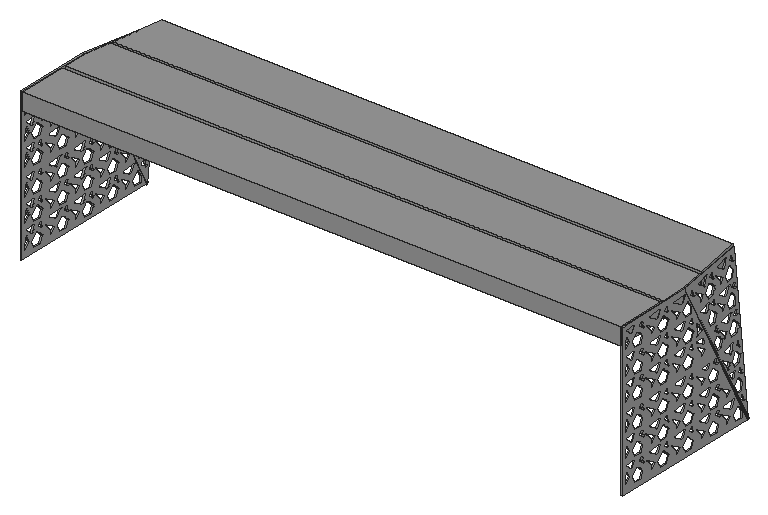
Revit family "Скамейка стальная «Монс Филигран» Арт 19677 без спинки", category Антураж, Revit 2018
Family settings
  На основе рабочей плоскости = Нет
  Всегда вертикально = Да
  При загрузке вырезать с полостями = Нет
  Источник визуального образа = Геометрия семейства
  Общий = Нет
  Точка расчета площади = Нет
Parameters (values of type "Скамейка стальная «Монс Филигран» без спинки")
  Ширина = 471 mm  # constant formula
  Цвет опоры = Сталь
  Цвет лавки = Дерево
  Описание = "Скамейка стальная «Монс Филигран» без спинки"  # constant formula
  Материал изделия = "Сталь, дерево"  # constant formula
  Изображение типоразмера = Скамейка стальная «Монс Филигран» Арт 19677 без спинки.jpg
  Изготовитель = "ООО «Хоббика»"  # constant formula
  Длина = 1800 mm  # constant formula
  Группа модели = "Садовые скамейки"  # constant formula
  Высота = 450 mm  # constant formula
  Артикул товара = "Арт. 19677"  # constant formula
  URL = "https://hobbyka.ru/product/banketka_stalnaya_mons_filigran/"
Reference planes
  plane 1 "По центру (Вперед/Назад)": y = 0
  plane 2: z = 0
  plane 3 "По центру (Влево/Вправо)": x = 0
  plane 4: x = 1800
  plane 5: y = 471
  plane 6: z = 450
Forms (mm)
  Extrusion 1, solid, material "Дерево" <- "Цвет лавки"
    sketch origin (0, 0, 0) x (1, 0, 0) y (0, 1, 0)
      loop
        line (5, 0) -> (1795, 0) -> (1795, 150) -> (5, 150) -> (5, 0)
      loop
        line (5, 160) -> (1795, 160) -> (1795, 310) -> (5, 310) -> (5, 160)
      loop
        line (5, 320) -> (1795, 320) -> (1795, 471) -> (5, 471) -> (5, 320)
    from 400 to 450
  Extrusion 2, void
    sketch origin (0, 0, 0) x (1, 0, 0) y (0, 1, 0)
      loop
        line (4.818, 233.714) -> (46.481, 471) -> (0, 471) -> (0, 233.714) -> (4.818, 233.714)
    from 461.19 to 388.501
  Extrusion 3, void
    sketch origin (1500, 0, 0) x (-1, 0, 0) y (0, -1, 0)
      loop
        line (-295.182, -233.714) -> (-300, -233.714) -> (-300, -471) -> (-253.519, -471) -> (-295.182, -233.714)
    from 461.19 to 388.501
Cuts and joins
  Extrusion 2, Extrusion 3 cuts Extrusion 1
Dimensions and locks
  "Длина": plane 3 "По центру (Влево/Вправо)" to plane 4
  "Ширина": plane 5 to plane 1 "По центру (Вперед/Назад)"
  "Высота": plane 6 to plane 2
  aligned and locked: level to plane 2
  aligned and locked: plane 3 "По центру (Влево/Вправо)" to nested 1
  aligned and locked: plane 4 to nested 2
Automatic sketch dimensions
  plane 1 "По центру (Вперед/Назад)" to Extrusion 1 sketch curve = 0 mm
  Extrusion 1 sketch curve to plane 5 = 0 mm
  plane 3 "По центру (Влево/Вправо)" to Extrusion 1 sketch curve = 5 mm  (x3)
  Extrusion 1 sketch curve to plane 4 = 5 mm  (x3)
  Extrusion 1 sketch curve to plane 1 "По центру (Вперед/Назад)" = 150 mm
  Extrusion 1 sketch curve to Extrusion 1 sketch curve = 10 mm  (x2)
  Extrusion 1 sketch curve to Extrusion 1 sketch curve = 150 mm
  Extrusion 2 sketch curve to plane 3 "По центру (Влево/Вправо)" = 0 mm
  Extrusion 2 sketch curve to plane 5 = 0 mm
  Extrusion 2 sketch curve to Extrusion 2 sketch curve = 4.818 mm
  Extrusion 2 sketch curve to Extrusion 2 sketch curve = 46.481 mm
  Extrusion 2 sketch curve to plane 1 "По центру (Вперед/Назад)" = 233.714 mm
  Extrusion 3 sketch curve to plane 4 = 0 mm
  Extrusion 3 sketch curve to plane 5 = 0 mm
  plane 4 to Extrusion 3 sketch curve = 4.818 mm
  plane 4 to Extrusion 3 sketch curve = 46.481 mm
  plane 1 "По центру (Вперед/Назад)" to Extrusion 3 sketch curve = 233.714 mm
Nested families
  nested 1: "Скамейка стальная «Монс Филигран» Арт 19677 опора без спинки" at (0, 0, 0), type "Скамейка стальная «Монс Филигран» Арт 19677 опора без спинки"
  nested 2: "Скамейка стальная «Монс Филигран» Арт 19677 опора без спинки" at (1800, 0, 0) x (-1, 0, 0) z (0, 0, 1), type "Скамейка стальная «Монс Филигран» Арт 19677 опора без спинки"
Definition of nested family "Скамейка стальная «Монс Филигран» Арт 19677 опора без спинки"
  Parameters (values of type "Скамейка стальная «Монс Филигран» Арт 19677 опора без спинки")
    Цвет опоры = none
    Height = 0 mm
  Reference planes
    plane 1 "По центру (Вперед/Назад)": y = 0
    plane 2: z = 0
    plane 3 "По центру (Влево/Вправо)": x = 0
    plane 4: y = 470
  Forms (mm)
    Extrusion 1, solid, material <- "Цвет опоры"
      sketch origin (0, -190, 0) x (1, 0, 0) y (0, 1, 0)
        loop
          line (0, 660) -> (0, 190) -> (5, 190) -> (5, 660) -> (0, 660)
      from 0 to 450
    Extrusion 2, void
      sketch origin (0, -190, 0) x (0, 1, 0) y (0, 0, 1)
        loop
          line (413.786, 470) -> (660, 0) -> (660, 470) -> (413.786, 470)
      from 0 to 5
    Extrusion 3, solid, material <- "Цвет опоры"
      sketch origin (-114.137, -183.118, 8.751) x (0.172934, 0.984808, -0.015731) y (0.090593, 0, 0.995888)
        loop
          line (660, 0) -> (660, 450.227) -> (424.144, 450.227) -> (660, 0)
      from 0 to 5
    Extrusion 4, void
      sketch origin (0, 0, 0) x (0, 1, 0) y (0, 0, 1)
        loop
          line (241.257, 438.347) -> (186.531, 433.559) -> (225.502, 411.059) -> (241.257, 438.347)
        loop
          line (174.953, 421.433) -> (197.558, 394.922) -> (197.558, 374.922) -> (218.771, 396.135) -> (174.953, 421.433)
        loop
          line (244.069, 414.745) -> (223.012, 393.687) -> (235.512, 372.036) -> (260.512, 372.036) -> (260.512, 391.293) -> (244.069, 414.745)
        loop
          line (166.873, 439.791) -> (152.731, 425.649) -> (174.381, 413.149) -> (166.873, 439.791)
        loop
          line (147.562, 440.206) -> (92.836, 435.419) -> (131.807, 412.919) -> (147.562, 440.206)
        loop
          line (81.258, 423.292) -> (105.963, 394.318) -> (105.963, 378.881) -> (125.076, 397.994) -> (81.258, 423.292)
        loop
          line (150.374, 416.604) -> (129.316, 395.546) -> (141.816, 373.895) -> (166.816, 373.895) -> (173.825, 393.153) -> (150.374, 416.604)
        loop
          line (70.568, 440.432) -> (56.426, 426.29) -> (78.077, 413.79) -> (70.568, 440.432)
        loop
          line (51.257, 440.847) -> (13.002, 436.059) -> (35.502, 413.559) -> (51.257, 440.847)
        loop
          line (14.165, 423.933) -> (7.558, 397.422) -> (7.558, 377.422) -> (28.771, 398.635) -> (14.165, 423.933)
        loop
          line (54.069, 417.245) -> (33.012, 396.187) -> (45.512, 374.536) -> (70.512, 374.536) -> (77.521, 393.793) -> (54.069, 417.245)
        loop
          line (274.343, 345.357) -> (278.105, 314.939) -> (274.196, 295.325) -> (299.146, 311.983) -> (274.343, 345.357)
        loop
          line (260.568, 366.546) -> (246.426, 352.404) -> (268.077, 339.904) -> (260.568, 366.546)
        loop
          line (241.257, 366.962) -> (186.531, 362.174) -> (225.502, 339.674) -> (241.257, 366.962)
        loop
          line (174.953, 350.048) -> (197.558, 323.536) -> (197.558, 303.536) -> (218.771, 324.749) -> (174.953, 350.048)
        loop
          line (244.069, 343.359) -> (223.012, 322.301) -> (235.512, 300.651) -> (260.512, 300.651) -> (267.521, 319.908) -> (244.069, 343.359)
        loop
          line (166.873, 368.405) -> (152.731, 354.263) -> (174.381, 341.763) -> (166.873, 368.405)
        loop
          line (147.562, 368.821) -> (92.836, 364.033) -> (131.807, 341.533) -> (147.562, 368.821)
        loop
          line (81.258, 351.907) -> (103.863, 325.395) -> (103.863, 305.395) -> (125.076, 326.608) -> (81.258, 351.907)
        loop
          line (150.374, 345.218) -> (129.316, 324.16) -> (141.816, 302.51) -> (166.816, 302.51) -> (173.825, 321.767) -> (150.374, 345.218)
        loop
          line (70.568, 369.046) -> (56.426, 354.904) -> (78.077, 342.404) -> (70.568, 369.046)
        loop
          line (51.257, 369.462) -> (13.002, 364.674) -> (35.502, 342.174) -> (51.257, 369.462)
        loop
          line (14.165, 352.548) -> (7.558, 326.036) -> (7.558, 306.036) -> (28.771, 327.249) -> (14.165, 352.548)
        loop
          line (54.069, 345.859) -> (33.012, 324.801) -> (45.512, 303.151) -> (70.512, 303.151) -> (77.521, 322.408) -> (54.069, 345.859)
        loop
          line (305.573, 291.398) -> (267.836, 291.398) -> (306.807, 268.898) -> (305.573, 291.398)
        loop
          line (268.758, 281.772) -> (291.363, 255.26) -> (291.363, 235.26) -> (312.576, 256.473) -> (268.758, 281.772)
        loop
          line (260.568, 296.411) -> (246.426, 282.269) -> (268.077, 269.769) -> (260.568, 296.411)
        loop
          line (241.257, 296.827) -> (186.531, 292.039) -> (225.502, 269.539) -> (241.257, 296.827)
        loop
          line (174.953, 279.913) -> (197.558, 253.401) -> (197.558, 233.401) -> (218.771, 254.614) -> (174.953, 279.913)
        loop
          line (244.069, 273.224) -> (223.012, 252.166) -> (235.512, 230.515) -> (260.512, 230.515) -> (267.521, 249.773) -> (244.069, 273.224)
        loop
          line (166.873, 298.27) -> (152.731, 284.128) -> (174.381, 271.628) -> (166.873, 298.27)
        loop
          line (147.562, 298.686) -> (92.836, 293.898) -> (131.807, 271.398) -> (147.562, 298.686)
        loop
          line (81.258, 281.772) -> (103.863, 255.26) -> (103.863, 235.26) -> (125.076, 256.473) -> (81.258, 281.772)
        loop
          line (150.374, 275.083) -> (129.316, 254.025) -> (141.816, 232.375) -> (166.816, 232.375) -> (173.825, 251.632) -> (150.374, 275.083)
        loop
          line (70.568, 298.911) -> (56.426, 284.769) -> (78.077, 272.269) -> (70.568, 298.911)
        loop
          line (51.257, 299.327) -> (13.002, 294.539) -> (35.502, 272.039) -> (51.257, 299.327)
        loop
          line (14.165, 282.413) -> (7.558, 255.901) -> (7.558, 235.901) -> (28.771, 257.114) -> (14.165, 282.413)
        loop
          line (54.069, 275.724) -> (33.012, 254.666) -> (45.512, 233.015) -> (70.512, 233.015) -> (77.521, 252.273) -> (54.069, 275.724)
        loop
          line (348.123, 219.791) -> (333.981, 205.649) -> (355.631, 193.149) -> (348.123, 219.791)
        loop
          line (330.979, 213.136) -> (290.434, 209.588) -> (319.307, 192.919) -> (330.979, 213.136)
        loop
          line (268.758, 203.292) -> (291.363, 176.781) -> (291.363, 156.781) -> (312.576, 177.994) -> (268.758, 203.292)
        loop
          line (337.874, 196.604) -> (316.816, 175.546) -> (329.316, 153.895) -> (354.316, 153.895) -> (361.325, 173.153) -> (337.874, 196.604)
        loop
          line (260.568, 217.932) -> (246.426, 203.79) -> (268.077, 191.29) -> (260.568, 217.932)
        loop
          line (241.257, 218.347) -> (186.531, 213.559) -> (225.502, 191.059) -> (241.257, 218.347)
        loop
          line (174.953, 201.433) -> (197.558, 174.922) -> (197.558, 154.922) -> (218.771, 176.135) -> (174.953, 201.433)
        loop
          line (244.069, 194.745) -> (223.012, 173.687) -> (235.512, 152.036) -> (260.512, 152.036) -> (267.521, 171.293) -> (244.069, 194.745)
        loop
          line (166.873, 219.791) -> (152.731, 205.649) -> (174.381, 193.149) -> (166.873, 219.791)
        loop
          line (147.562, 220.206) -> (92.836, 215.419) -> (131.807, 192.919) -> (147.562, 220.206)
        loop
          line (81.258, 203.292) -> (103.863, 176.781) -> (103.863, 156.781) -> (125.076, 177.994) -> (81.258, 203.292)
        loop
          line (150.374, 196.604) -> (129.316, 175.546) -> (141.816, 153.895) -> (166.816, 153.895) -> (173.825, 173.153) -> (150.374, 196.604)
        loop
          line (70.568, 220.432) -> (56.426, 206.29) -> (78.077, 193.79) -> (70.568, 220.432)
        loop
          line (51.257, 220.847) -> (13.002, 216.059) -> (35.502, 193.559) -> (51.257, 220.847)
        loop
          line (14.165, 203.933) -> (7.558, 177.422) -> (7.558, 157.422) -> (28.771, 178.635) -> (14.165, 203.933)
        loop
          line (54.069, 197.245) -> (33.012, 176.187) -> (45.512, 154.536) -> (70.512, 154.536) -> (77.521, 173.793) -> (54.069, 197.245)
        loop
          line (362.453, 130.048) -> (385.058, 103.536) -> (385.058, 83.536) -> (406.271, 104.749) -> (362.453, 130.048)
        loop
          line (354.373, 148.405) -> (340.231, 134.263) -> (361.881, 121.763) -> (354.373, 148.405)
        loop
          line (335.062, 148.821) -> (280.336, 144.033) -> (319.307, 121.533) -> (335.062, 148.821)
        loop
          line (268.758, 131.907) -> (291.363, 105.395) -> (291.363, 85.395) -> (312.576, 106.608) -> (268.758, 131.907)
        loop
          line (337.874, 125.218) -> (316.816, 104.16) -> (329.316, 82.51) -> (354.316, 82.51) -> (361.325, 101.767) -> (337.874, 125.218)
        loop
          line (260.568, 146.546) -> (246.426, 132.404) -> (268.077, 119.904) -> (260.568, 146.546)
        loop
          line (241.257, 146.962) -> (186.531, 142.174) -> (225.502, 119.674) -> (241.257, 146.962)
        loop
          line (174.953, 130.048) -> (197.558, 103.536) -> (197.558, 83.536) -> (218.771, 104.749) -> (174.953, 130.048)
        loop
          line (244.069, 123.359) -> (223.012, 102.301) -> (235.512, 80.651) -> (260.512, 80.651) -> (267.521, 99.908) -> (244.069, 123.359)
        loop
          line (166.873, 148.405) -> (152.731, 134.263) -> (174.381, 121.763) -> (166.873, 148.405)
        loop
          line (147.562, 148.821) -> (92.836, 144.033) -> (131.807, 121.533) -> (147.562, 148.821)
        loop
          line (81.258, 131.907) -> (103.863, 105.395) -> (103.863, 85.395) -> (125.076, 106.608) -> (81.258, 131.907)
        loop
          line (150.374, 125.218) -> (129.316, 104.16) -> (141.816, 82.51) -> (166.816, 82.51) -> (173.825, 101.767) -> (150.374, 125.218)
        loop
          line (70.568, 149.046) -> (56.426, 134.904) -> (78.077, 122.404) -> (70.568, 149.046)
        loop
          line (51.257, 149.462) -> (13.002, 144.674) -> (35.502, 122.174) -> (51.257, 149.462)
        loop
          line (14.165, 132.548) -> (7.558, 106.036) -> (7.558, 86.036) -> (28.771, 107.249) -> (14.165, 132.548)
        loop
          line (54.069, 125.859) -> (33.012, 104.801) -> (45.512, 83.151) -> (70.512, 83.151) -> (77.521, 102.408) -> (54.069, 125.859)
        loop
          line (423.757, 76.827) -> (369.031, 72.039) -> (408.002, 49.539) -> (423.757, 76.827)
        loop
          line (362.453, 59.913) -> (385.058, 33.401) -> (385.058, 13.401) -> (406.271, 34.614) -> (362.453, 59.913)
        loop
          line (431.569, 53.224) -> (410.512, 32.166) -> (423.012, 10.515) -> (448.012, 10.515) -> (448.012, 29.773) -> (431.569, 53.224)
        loop
          line (354.373, 78.27) -> (340.231, 64.128) -> (361.881, 51.628) -> (354.373, 78.27)
        loop
          line (335.062, 78.686) -> (280.336, 73.898) -> (319.307, 51.398) -> (335.062, 78.686)
        loop
          line (268.758, 61.772) -> (291.363, 35.26) -> (291.363, 15.26) -> (312.576, 36.473) -> (268.758, 61.772)
        loop
          line (337.874, 55.083) -> (316.816, 34.025) -> (329.316, 12.375) -> (354.316, 12.375) -> (361.325, 31.632) -> (337.874, 55.083)
        loop
          line (260.568, 76.411) -> (246.426, 62.269) -> (268.077, 49.769) -> (260.568, 76.411)
        loop
          line (241.257, 76.827) -> (186.531, 72.039) -> (225.502, 49.539) -> (241.257, 76.827)
        loop
          line (174.953, 59.913) -> (197.558, 33.401) -> (197.558, 13.401) -> (218.771, 34.614) -> (174.953, 59.913)
        loop
          line (244.069, 53.224) -> (223.012, 32.166) -> (235.512, 10.515) -> (260.512, 10.515) -> (267.521, 29.773) -> (244.069, 53.224)
        loop
          line (166.873, 78.27) -> (152.731, 64.128) -> (174.381, 51.628) -> (166.873, 78.27)
        loop
          line (147.562, 78.686) -> (92.836, 73.898) -> (131.807, 51.398) -> (147.562, 78.686)
        loop
          line (81.258, 61.772) -> (103.863, 35.26) -> (103.863, 15.26) -> (125.076, 36.473) -> (81.258, 61.772)
        loop
          line (150.374, 55.083) -> (129.316, 34.025) -> (141.816, 12.375) -> (166.816, 12.375) -> (173.825, 31.632) -> (150.374, 55.083)
        loop
          line (70.568, 78.911) -> (56.426, 64.769) -> (78.077, 52.269) -> (70.568, 78.911)
        loop
          line (51.257, 79.327) -> (13.002, 74.539) -> (35.502, 52.039) -> (51.257, 79.327)
        loop
          line (14.165, 62.413) -> (7.558, 35.901) -> (7.558, 15.901) -> (28.771, 37.114) -> (14.165, 62.413)
        loop
          line (54.069, 55.724) -> (33.012, 34.666) -> (45.512, 13.015) -> (70.512, 13.015) -> (77.521, 32.273) -> (54.069, 55.724)
      from -11.97 to 45.802
    Extrusion 5, void
      sketch origin (0, 20, 0) x (0, 1, 0) y (0, 0, 1)
        loop
          line (433.068, 437.932) -> (418.926, 423.79) -> (440.577, 411.29) -> (433.068, 437.932)
        loop
          line (413.757, 438.347) -> (359.031, 433.559) -> (398.002, 411.059) -> (413.757, 438.347)
        loop
          line (347.453, 421.433) -> (370.058, 394.922) -> (370.058, 374.922) -> (391.271, 396.135) -> (347.453, 421.433)
        loop
          line (416.569, 414.745) -> (395.512, 393.687) -> (408.012, 372.036) -> (433.012, 372.036) -> (440.021, 391.293) -> (416.569, 414.745)
        loop
          line (339.373, 439.791) -> (325.231, 425.649) -> (346.881, 413.149) -> (339.373, 439.791)
        loop
          line (320.062, 440.206) -> (265.336, 435.419) -> (304.307, 412.919) -> (320.062, 440.206)
        loop
          line (253.758, 423.292) -> (276.363, 396.781) -> (276.363, 376.781) -> (297.576, 397.994) -> (253.758, 423.292)
        loop
          line (322.874, 416.604) -> (301.816, 395.546) -> (314.316, 373.895) -> (339.316, 373.895) -> (346.325, 393.153) -> (322.874, 416.604)
        loop
          line (245.568, 437.932) -> (231.426, 423.79) -> (253.077, 411.29) -> (245.568, 437.932)
        loop
          line (433.068, 366.546) -> (418.926, 352.404) -> (440.577, 339.904) -> (433.068, 366.546)
        loop
          line (413.757, 366.962) -> (359.031, 362.174) -> (398.002, 339.674) -> (413.757, 366.962)
        loop
          line (347.453, 350.048) -> (370.058, 323.536) -> (370.058, 303.536) -> (391.271, 324.749) -> (347.453, 350.048)
        loop
          line (416.569, 343.359) -> (395.512, 322.301) -> (408.012, 300.651) -> (433.012, 300.651) -> (440.021, 319.908) -> (416.569, 343.359)
        loop
          line (339.373, 368.405) -> (325.231, 354.263) -> (346.881, 341.763) -> (339.373, 368.405)
        loop
          line (320.062, 368.821) -> (265.336, 364.033) -> (304.307, 341.533) -> (320.062, 368.821)
        loop
          line (322.874, 345.218) -> (301.816, 324.16) -> (314.316, 302.51) -> (339.316, 302.51) -> (346.325, 321.767) -> (322.874, 345.218)
        loop
          line (433.068, 296.411) -> (418.926, 282.269) -> (440.577, 269.769) -> (433.068, 296.411)
        loop
          line (413.757, 296.827) -> (359.031, 292.039) -> (398.002, 269.539) -> (413.757, 296.827)
        loop
          line (347.453, 279.913) -> (370.058, 253.401) -> (370.058, 233.401) -> (391.271, 254.614) -> (347.453, 279.913)
        loop
          line (416.569, 273.224) -> (395.512, 252.166) -> (408.012, 230.515) -> (433.012, 230.515) -> (440.021, 249.773) -> (416.569, 273.224)
        loop
          line (339.373, 298.27) -> (325.231, 284.128) -> (346.881, 271.628) -> (339.373, 298.27)
        loop
          line (340.729, 270.585) -> (322.353, 256.897) -> (337.556, 227.877) -> (357.171, 227.877) -> (364.18, 247.134) -> (340.729, 270.585)
        loop
          line (433.068, 217.932) -> (418.926, 203.79) -> (440.577, 191.29) -> (433.068, 217.932)
        loop
          line (413.757, 218.347) -> (359.031, 213.559) -> (398.002, 191.059) -> (413.757, 218.347)
        loop
          line (347.453, 201.433) -> (370.058, 174.922) -> (373.669, 158.533) -> (391.271, 176.135) -> (347.453, 201.433)
        loop
          line (416.569, 194.745) -> (395.512, 173.687) -> (408.012, 152.036) -> (433.012, 152.036) -> (440.021, 171.293) -> (416.569, 194.745)
        loop
          line (433.068, 146.546) -> (418.926, 132.404) -> (440.577, 119.904) -> (433.068, 146.546)
        loop
          line (413.757, 146.962) -> (380.759, 146.962) -> (398.002, 119.674) -> (413.757, 146.962)
        loop
          line (416.569, 123.359) -> (399.122, 105.912) -> (413.707, 80.651) -> (433.012, 80.651) -> (440.021, 99.908) -> (416.569, 123.359)
        loop
          line (433.068, 76.411) -> (418.926, 62.269) -> (440.577, 49.769) -> (433.068, 76.411)
      from -11.97 to 114.936
  Cuts and joins
    Extrusion 2, Extrusion 4 cuts Extrusion 1
    Extrusion 5 cuts Extrusion 3
  Dimensions and locks
    aligned and locked: level to plane 2
